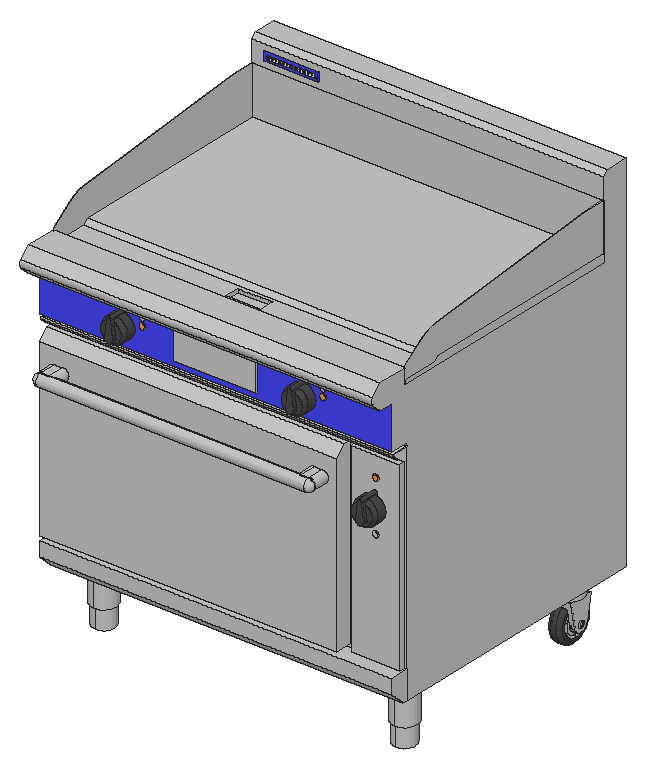
Revit family "QF_MOFFAT_BLUESEAL_CE_GPE56", category Specialty Equipment, Revit 2012
Parameters
  Width = 900 mm
  Weight in Pounds = 336  # constant formula
  Watts = 6600 W
  Volts = 400 V
  URL Cutsheet = "www.moffat.com"
  URL = "www.moffat.com"
  Type Mark [instance] = ""
  Status [instance] = ""
  Specification by User [instance] = ""
  Specification by Manufacturer = ""
  Show Logo [instance] = yes
  Show Clearance [instance] = yes
  Show Casters [instance] = yes
  Serial Number = ""
  Seismic Rating = ""
  SMACNA No = ""
  Revision Code [instance] = ""
  Plumbing Remarks = ""
  Plumbing Connection Type [instance] = ""
  Phase = 3
  Omniclass Number and Title = ""
  Number of Poles [instance] = 1
  NAFEM Spec ID Number = ""
  Model = "GPE56"
  Min Ckt Ampacity = 0 A
  Mechanical Remarks = ""
  Mechanical Connection Type [instance] = ""
  Max Overcurrent Protection = 0 A
  Masterspec = ""
  Manufacturer = "MOFFAT BLUESEAL"
  Legs [instance] = no
  Item Number [instance] = ""
  Installed By [instance] = ""
  Identify Quantity as Lot [instance] = yes
  Height = 1085 mm
  HP = ""
  Gas Size = 3/4"
  Gas RI Height [instance] = 0 mm
  Gas KW [instance] = 23
  Gas Input [instance] = 78500.0 Btu/h
  Gas Connection Height = 0 mm
  Furnished By [instance] = ""
  Foodservice Equipment Identifier [instance] = yes
  FL Amps = 9.4 A
  Electrical Remarks [instance] = "9.4 PER PHASE"
  Electric Connection Type [instance] = ""
  Elec Conn RI Height [instance] = 0 mm
  Elec Conn Connection Height [instance] = 0 mm
  Description = "900MM GAS RANGE WITH CONVECTION OVEN"
  Depth = 805 mm
  Cycle = 50 Hz
  Conn Plug = ""
  Conn Conduit = yes
  Cold Water Temperature Recommended = -459.67 °F
  Cold Water Size = 1/2"
  Cold Water RI Height [instance] = 0 mm
  Cold Water Minimum Pressure = 0.00 psi
  Cold Water Maximum Pressure = 0.00 psi
  Cold Water Flow = 0 GPM
  Cold Water Consumption = ""
  Cold Water Connection Height = 0 mm
  CSI MasterFormat = ""
  CSI Master Format = ""
  Body Finish = QF_Finishes_Stainless Steel
  Apparent Power = 0 VA
Reference planes
  plane 1 "BACK": y = 0
  plane 2: z = 0
  plane 3 "LEFT": x = 0
  plane 4 "RIGHT": x = 900
  plane 5 "FRONT": y = -812
  plane 6 "TOP": z = 970
  plane 7 "Center Y": x = 450
  plane 8 "Center X": y = -406
  plane 9: x = 280
  plane 10: x = 834.5
  plane 11: y = -32
  plane 12: z = 1085
  plane 13: z = 150
  plane 14: x = 65.5
  plane 15: y = -100
  plane 16: y = -625
  plane 17: z = 655
Forms (mm)
  Extrusion 1, solid, material "QF_Finishes_Stainless Steel" <- "Body Finish"
    sketch origin (0, 0, 0) x (0, 1, 0) y (0, 0, 1)
      loop
        line (0, 150) -> (0, 1085) -> (-58.9, 1085) -> (-70, 1073.9) -> (-70, 876.94) -> (-704.45, 876.94) -> (-704.45, 915) -> (-784.74, 915) -> (-808.31, 891.429)
        arc (-808.31, 891.429) -> (-812.002, 882.517) -> (-808.31, 873.604) r 12.604
        line (-808.31, 873.604) -> (-785.265, 850.559) -> (-748.2, 850.559) -> (-748.2, 740.5) -> (-699.05, 740.5) -> (-699.05, 150) -> (0, 150)
      loop
        line (-700.429, 732.9) -> (-743.335, 732.9)
        arc (-743.335, 732.9) -> (-745.599, 731.388) -> (-745.068, 728.718) r 2.45
        line (-745.068, 728.718) -> (-730.865, 714.515) -> (-730.158, 715.222) -> (-744.36, 729.425)
        arc (-744.36, 729.425) -> (-744.675, 731.005) -> (-743.335, 731.9) r 1.45
        line (-743.335, 731.9) -> (-700.429, 731.9) -> (-700.429, 732.9)
      loop
        line (-713.1, 150) -> (-699.5, 150) -> (-699.5, 221.7) -> (-748.5, 221.7) -> (-748.5, 185.4) -> (-713.1, 150)
    from 0 to 900
  Extrusion 2, solid, material "QF_Finishes_Stainless Steel"
    sketch origin (0, 0, 0) x (0, 1, 0) y (0, 0, 1)
      loop
        line (-724.715, 700.925) -> (-748.715, 676.925) -> (-748.715, 233.675) -> (-708.715, 233.675) -> (-708.715, 700.925) -> (-724.715, 700.925)
    from 0 to 760
  Extrusion 3, solid, material "QF_Finishes_Stainless Steel"
    sketch origin (723.5, 0, 0) x (0, 1, 0) y (0, 0, 1)
      loop
        line (-708.715, 700) -> (-721, 700) -> (-721, 227.5) -> (-708.715, 227.5) -> (-708.715, 700)
    from 51.5 to 176.5
  Revolve 4, solid, material "QF_Finishes_Stainless Steel" <- "Body Finish"
    sketch origin (834.5, -696.126, 0) x (0, 1, 0) y (0, 0, -1)
      loop
        line (39.376, -150) -> (71.126, -150) -> (71.126, 0) -> (43.626, 0) -> (43.626, -50) -> (39.376, -50) -> (39.376, -150)
      axis (71.126, -150) -> (71.126, 0)
    angle from 0 to 360
  Revolve 5, solid, material "QF_Finishes_Stainless Steel" <- "Body Finish"
    sketch origin (65.5, -696.126, 0) x (0, 1, 0) y (0, 0, 1)
      loop
        line (39.376, 150) -> (39.376, 50) -> (43.626, 50) -> (43.626, 0) -> (71.126, 0) -> (71.126, 150) -> (39.376, 150)
      axis (71.126, 150) -> (71.126, 0)
    angle from 0 to 360
  Extrusion 6, solid, material "QF_Finishes_Stainless Steel"
    sketch origin (0, 0, 740) x (0, 1, 0) y (1, 0, 0)
      loop
        circle (-32, 770) r 10
    from 85 to -3
  Extrusion 7, solid, material "QF_Finishes_Stainless Steel"
    sketch origin (0, -703.73, 150) x (1, 0, 0) y (0, -1, 0)
      loop
        circle (831, -219.73) r 10
    from 0 to 4
  Revolve 8, solid, material "QF_Finishes_Black"
    sketch origin (837.495, 73.874, -213.6) x (0, 1, 0) y (0, 0, 1)
      loop
        line (-827.874, 829.5) -> (-838.874, 823.651) -> (-838.874, 797) -> (-794.874, 797) -> (-794.874, 802) -> (-804.874, 802) -> (-804.874, 829.5) -> (-827.874, 829.5)
      axis (-838.874, 797) -> (-794.874, 797)
    angle from 0 to 360
  Extrusion 9, solid, material "QF_Finishes_Black"
    sketch origin (689.688, 35, -213.6) x (1, 0, 0) y (0, 0, 1)
      loop
        line (158.226, 786.195) -> (152.806, 829.113)
        arc (152.806, 829.113) -> (147.807, 834) -> (142.808, 829.113) r 5
        line (142.808, 829.113) -> (137.319, 785.028)
        arc (137.319, 785.028) -> (148.391, 774.529) -> (158.226, 786.195) r 10.487
    from 759 to 808
  Extrusion 10, solid, material "QF_Door-Drawer Clearances", visible <- "Show Clearance", detail levels coarse
    sketch origin (0, 0, 0) x (0, -1, 0) y (0, 0, 1)
      loop
        line (748.715, 703.522) -> (748.715, 233.675) -> (1218.562, 233.675)
        arc (1218.562, 233.675) -> (1080.947, 565.907) -> (748.715, 703.522) r 469.847
    from 0 to -760
  Extrusion 11, solid, material "QF_Finishes_Stainless Steel"
    sketch origin (0, -749, 227.5) x (0, 0, 1) y (-1, 0, 0)
      loop
        line (380.625, -38.246) -> (380.625, -58.528)
        arc (380.625, -58.528) -> (395.625, -73.528) -> (410.625, -58.528) r 15
        line (410.625, -58.528) -> (410.625, -38.246)
        arc (410.625, -38.246) -> (395.625, -23.246) -> (380.625, -38.246) r 15
      loop
        arc (380.625, -723.039) -> (395.625, -738.039) -> (410.625, -723.039) r 15
        line (410.625, -723.039) -> (410.625, -702.757)
        arc (410.625, -702.757) -> (395.625, -687.757) -> (380.625, -702.757) r 15
        line (380.625, -702.757) -> (380.625, -723.039)
    from 0 to 44
  Revolve 12, solid, material "QF_Finishes_Stainless Steel"
    sketch origin (0, -793, 0) x (1, 0, 0) y (0, 0, 1)
      loop
        arc (738.039, 623.125) -> (733.646, 633.732) -> (723.039, 638.125) r 15
        line (723.039, 638.125) -> (38.246, 638.125)
        arc (38.246, 638.125) -> (27.64, 633.732) -> (23.246, 623.125) r 15
        line (23.246, 623.125) -> (738.039, 623.125)
      axis (738.039, 623.125) -> (23.246, 623.125)
    angle from 0 to 360
  Revolve 13, solid, material "QF_Finishes_Black"
    sketch origin (217.5, 14.8, 598.3) x (0, 1, 0) y (0, 0, -1)
      loop
        line (-796, -229.5) -> (-773, -229.5) -> (-773, -202) -> (-763, -202) -> (-763, -197) -> (-807, -197) -> (-807, -223.651) -> (-796, -229.5)
      axis (-807, -197) -> (-763, -197)
    angle from 0 to 360
  Extrusion 14, solid, material "QF_Finishes_Black"
    sketch origin (355.77, 7.8, 598.458) x (-1, 0, 0) y (0, 0, -1)
      loop
        line (127.85, -186.037) -> (133.271, -228.955)
        arc (133.271, -228.955) -> (138.27, -233.842) -> (143.268, -228.955) r 5
        line (143.268, -228.955) -> (148.757, -184.87)
        arc (148.757, -184.87) -> (137.685, -174.371) -> (127.85, -186.037) r 10.487
    from 759 to 808
  Extrusion 15, solid, material "QF_Finishes_Stainless Steel"
    sketch origin (-295, -748.2, 866) x (0, 0, -1) y (1, 0, 0)
      loop
        line (24, 640) -> (110.5, 640) -> (110.5, 850) -> (24, 850) -> (24, 640)
    from 0 to 2.5
  Extrusion 16, solid, material "QF_Finishes_Stainless Steel"
    sketch origin (-295, -750.7, 866) x (0, 0, -1) y (1, 0, 0)
      loop
        line (31, 850) -> (24, 850) -> (24, 640) -> (31, 640) -> (31, 850)
    from 0 to 5
  Revolve 17, solid, material "QF_Finishes_Black"
    sketch origin (680.116, 14.8, 598.3) x (0, 1, 0) y (0, 0, 1)
      loop
        line (-796, 229.5) -> (-807, 223.651) -> (-807, 197) -> (-763, 197) -> (-763, 202) -> (-773, 202) -> (-773, 229.5) -> (-796, 229.5)
      axis (-807, 197) -> (-763, 197)
    angle from 0 to 360
  Extrusion 18, solid, material "QF_Finishes_Black"
    sketch origin (541.846, 7.8, 598.458) x (1, 0, 0) y (0, 0, 1)
      loop
        line (148.689, 186.037) -> (143.268, 228.955)
        arc (143.268, 228.955) -> (138.27, 233.842) -> (133.271, 228.955) r 5
        line (133.271, 228.955) -> (127.782, 184.87)
        arc (127.782, 184.87) -> (138.854, 174.371) -> (148.689, 186.037) r 10.487
    from 759 to 808
  Extrusion 19, solid, material "QF_Finishes_Orange"
    sketch origin (0, -748.2, 866) x (0, 0, -1) y (1, 0, 0)
      loop
        circle (60.7, 725.121) r 7.15
      loop
        circle (60.7, 262.505) r 7.15
    from 0 to 1
  Extrusion 20, solid, material "QF_Finishes_Stainless Steel"
    sketch origin (0, -748.2, 866) x (0, 0, -1) y (1, 0, 0)
      loop
        circle (40.7, 725.121) r 7.15
      loop
        circle (40.7, 262.505) r 7.15
    from 0 to 1
  Revolve 21, solid, material "QF_Finishes_Stainless Steel", visible <- "Legs"
    sketch origin (834.5, -210, 0) x (0, 1, 0) y (0, 0, -1)
      loop
        line (78.25, -150) -> (110, -150) -> (110, 0) -> (82.5, 0) -> (82.5, -50) -> (78.25, -50) -> (78.25, -150)
      axis (110, -150) -> (110, 0)
    angle from 0 to 360
  Revolve 22, solid, material "QF_Finishes_Stainless Steel", visible <- "Legs"
    sketch origin (65, -210, 0) x (0, 1, 0) y (0, 0, -1)
      loop
        line (78.25, -150) -> (110, -150) -> (110, 0) -> (82.5, 0) -> (82.5, -50) -> (78.25, -50) -> (78.25, -150)
      axis (110, -150) -> (110, 0)
    angle from 0 to 360
  Revolve 23, solid, material "QF_Finishes_Stainless Steel", visible <- "Legs"
    sketch origin (65.5, -166, 0) x (0, 1, 0) y (0, 0, 1)
      loop
        line (34.25, 150) -> (34.25, 50) -> (38.5, 50) -> (38.5, 0) -> (66, 0) -> (66, 150) -> (34.25, 150)
      axis (66, 150) -> (66, 0)
    angle from 0 to 360
  Revolve 24, solid, material "QF_Finishes_Stainless Steel", visible <- "Legs"
    sketch origin (835, -166, 0) x (0, 1, 0) y (0, 0, -1)
      loop
        line (34.25, -150) -> (66, -150) -> (66, 0) -> (38.5, 0) -> (38.5, -50) -> (34.25, -50) -> (34.25, -150)
      axis (66, -150) -> (66, 0)
    angle from 0 to 360
  Revolve 25, solid, material "QF_Finishes_Stainless Steel", visible <- "Show Casters"
    sketch origin (16.276, -100.755, -13.653) x (1, 0, 0) y (0, 0, 1)
      loop
        line (14.841, 63.604) -> (83.584, 63.604) -> (83.584, 67.109) -> (82.314, 68.379) -> (80.79, 68.379) -> (80.79, 71.826) -> (68.644, 71.826) -> (68.644, 81.79) -> (65.088, 83.843) -> (63.738, 92.179) -> (65.881, 92.179) -> (65.881, 98.529) -> (65.088, 98.529) -> (65.088, 104.879)
        arc (65.088, 104.879) -> (62.298, 111.614) -> (55.563, 114.404) r 9.525
        line (55.563, 114.404) -> (42.863, 114.404)
        arc (42.863, 114.404) -> (36.127, 111.614) -> (33.338, 104.879) r 9.525
        line (33.338, 104.879) -> (33.338, 98.529) -> (32.544, 98.529) -> (32.544, 92.179) -> (34.687, 92.179) -> (33.352, 83.932) -> (29.782, 81.871) -> (29.782, 71.826) -> (17.635, 71.826) -> (17.635, 68.379) -> (16.111, 68.379) -> (14.841, 67.109) -> (14.841, 63.604)
      axis (14.841, 63.604) -> (83.584, 63.604)
    angle from 0 to 360
  Extrusion 26, solid, material "QF_Finishes_Stainless Steel", visible <- "Show Casters"
    sketch origin (72.001, 132.353, -8.783) x (0, 1, 0) y (0, 0, 1)
      loop
        line (-200.603, 118.783) -> (-264.103, 118.783) -> (-251.746, 53.895)
        arc (-251.746, 53.895) -> (-232.353, 38.783) -> (-212.959, 53.895) r 20
        line (-212.959, 53.895) -> (-200.603, 118.783)
    from -35.667 to 22.923
  Revolve 27, solid, material "QF_Finishes_Stainless Steel", visible <- "Show Casters"
    sketch origin (65.5, -204, 0) x (0, 1, 0) y (0, 0, 1)
      loop
        line (68.25, 150) -> (68.25, 110) -> (104, 110) -> (104, 150) -> (68.25, 150)
      axis (104, 150) -> (104, 110)
    angle from 0 to 360
  Revolve 28, solid, material "QF_Finishes_Stainless Steel", visible <- "Legs"
    sketch origin (65.5, -166, 0) x (0, 1, 0) y (0, 0, 1)
      loop
        line (34.25, 150) -> (34.25, 50) -> (38.5, 50) -> (38.5, 0) -> (66, 0) -> (66, 150) -> (34.25, 150)
      axis (66, 150) -> (66, 0)
    angle from 0 to 360
  Extrusion 29, solid, material "QF_Finishes_Stainless Steel", visible <- "Show Casters"
    sketch origin (841.501, 132.353, -8.783) x (0, 1, 0) y (0, 0, 1)
      loop
        line (-200.603, 118.783) -> (-264.103, 118.783) -> (-251.746, 53.895)
        arc (-251.746, 53.895) -> (-232.353, 38.783) -> (-212.959, 53.895) r 20
        line (-212.959, 53.895) -> (-200.603, 118.783)
    from -35.667 to 22.923
  Revolve 30, solid, material "QF_Finishes_Stainless Steel", visible <- "Show Casters"
    sketch origin (835, -204, 0) x (0, 1, 0) y (0, 0, 1)
      loop
        line (68.25, 150) -> (68.25, 110) -> (104, 110) -> (104, 150) -> (68.25, 150)
      axis (104, 150) -> (104, 110)
    angle from 0 to 360
  Revolve 31, solid, material "QF_Finishes_Stainless Steel", visible <- "Show Casters"
    sketch origin (786.276, -100.755, -13.653) x (1, 0, 0) y (0, 0, 1)
      loop
        line (14.841, 63.604) -> (83.584, 63.604) -> (83.584, 67.109) -> (82.314, 68.379) -> (80.79, 68.379) -> (80.79, 71.826) -> (68.644, 71.826) -> (68.644, 81.79) -> (65.088, 83.843) -> (63.738, 92.179) -> (65.881, 92.179) -> (65.881, 98.529) -> (65.088, 98.529) -> (65.088, 104.879)
        arc (65.088, 104.879) -> (62.298, 111.614) -> (55.563, 114.404) r 9.525
        line (55.563, 114.404) -> (42.863, 114.404)
        arc (42.863, 114.404) -> (36.127, 111.614) -> (33.338, 104.879) r 9.525
        line (33.338, 104.879) -> (33.338, 98.529) -> (32.544, 98.529) -> (32.544, 92.179) -> (34.687, 92.179) -> (33.352, 83.932) -> (29.782, 81.871) -> (29.782, 71.826) -> (17.635, 71.826) -> (17.635, 68.379) -> (16.111, 68.379) -> (14.841, 67.109) -> (14.841, 63.604)
      axis (14.841, 63.604) -> (83.584, 63.604)
    angle from 0 to 360
  Extrusion 32, solid, material "QF_Finishes_Stainless Steel"
    sketch origin (723.5, -721, 700) x (0, 0, -1) y (1, 0, 0)
      loop
        circle (181.6, 114) r 7.15
    from 0 to 1
  Extrusion 33, solid, material "QF_Finishes_Orange"
    sketch origin (723.5, -721, 700) x (0, 0, -1) y (1, 0, 0)
      loop
        circle (51.6, 114) r 7.15
    from 0 to 1
  Extrusion 34, solid, material "QF_Finishes_Stainless Steel"
    sketch origin (0, -703.73, 150) x (1, 0, 0) y (0, -1, 0)
      loop
        circle (875, -246.73) r 10
    from 0 to 4
  Extrusion 35, void
    sketch origin (0, 0, 225.5) x (1, 0, 0) y (0, 1, 0)
      loop
        line (824, -87) -> (824, 0) -> (694, 0) -> (694, -39) -> (744, -87) -> (824, -87)
    from 0 to 517.5
Cuts and joins
  Extrusion 35 cuts Extrusion 1
Lines and regions (mm)
  symbolic lines, style "QF_Door-Drawer Clearances", visible <- "Show Clearance"
    curve 1: line (0, -1218.562, 0) -> (0, -812, 0)
    curve 2: line (0, -1218.562, 0) -> (760, -1218.562, 0)
    curve 3: line (760, -1218.562, 0) -> (760, -812, 0)
  symbolic lines, style "SpecialityEquipmentHiddenLines", visible <- "Show Casters"
    curve 4: line (78.456, -46.735, 0) -> (105.952, -62.61, 0)
    curve 5: line (27.656, -134.723, 0) -> (78.456, -46.735, 0)
    curve 6: line (55.152, -150.598, 0) -> (27.656, -134.723, 0)
    curve 7: line (105.952, -62.61, 0) -> (55.152, -150.598, 0)
    curve 8: line (824.652, -150.598, 0) -> (797.156, -134.723, 0)
    curve 9: line (875.452, -62.61, 0) -> (824.652, -150.598, 0)
    curve 10: line (847.956, -46.735, 0) -> (797.156, -134.723, 0)
    curve 11: line (875.452, -62.61, 0) -> (847.956, -46.735, 0)
  symbolic lines
    curve 12: line (44, -18.385, 0) -> (271.959, -18.385, 0)
    curve 13: arc (271.959, -18.385, 0) -> (276.959, -19.725, 0) -> (280.619, -23.385, 0) r 10
    curve 14: line (280.619, -23.385, 0) -> (284.66, -30.385, 0)
    curve 15: arc (284.66, -30.385, 0) -> (284.66, -40.385, 0) -> (276, -45.385, 0) r 10
    curve 16: line (276, -45.385, 0) -> (48.041, -45.385, 0)
    curve 17: arc (48.041, -45.385, 0) -> (43.041, -44.045, 0) -> (39.381, -40.385, 0) r 10
    curve 18: line (39.381, -40.385, 0) -> (35.34, -33.385, 0)
    curve 19: arc (35.34, -33.385, 0) -> (35.34, -23.385, 0) -> (44, -18.385, 0) r 10
    curve 20: line (334, -18.385, 0) -> (561.959, -18.385, 0)
    curve 21: arc (561.959, -18.385, 0) -> (566.959, -19.725, 0) -> (570.619, -23.385, 0) r 10
    curve 22: line (570.619, -23.385, 0) -> (574.66, -30.385, 0)
    curve 23: arc (574.66, -30.385, 0) -> (574.66, -40.385, 0) -> (566, -45.385, 0) r 10
    curve 24: line (566, -45.385, 0) -> (338.041, -45.385, 0)
    curve 25: arc (338.041, -45.385, 0) -> (333.041, -44.045, 0) -> (329.381, -40.385, 0) r 10
    curve 26: line (329.381, -40.385, 0) -> (325.34, -33.385, 0)
    curve 27: arc (325.34, -33.385, 0) -> (325.34, -23.385, 0) -> (334, -18.385, 0) r 10
    curve 28: line (851.959, -18.385, 0) -> (624, -18.385, 0)
    curve 29: arc (624, -18.385, 0) -> (615.34, -23.385, 0) -> (615.34, -33.385, 0) r 10
    curve 30: line (615.34, -33.385, 0) -> (619.381, -40.385, 0)
    curve 31: arc (619.381, -40.385, 0) -> (623.041, -44.045, 0) -> (628.041, -45.385, 0) r 10
    curve 32: line (628.041, -45.385, 0) -> (856, -45.385, 0)
    curve 33: arc (856, -45.385, 0) -> (864.66, -40.385, 0) -> (864.66, -30.385, 0) r 10
    curve 34: line (864.66, -30.385, 0) -> (860.619, -23.385, 0)
    curve 35: arc (860.619, -23.385, 0) -> (856.959, -19.725, 0) -> (851.959, -18.385, 0) r 10
    curve 36: line (900, 0, 0) -> (0, 0, 0)
    curve 37: line (0, 0, 0) -> (0, -812, 0)
    curve 38: line (900, -812, 0) -> (900, 0, 0)
    curve 39: line (0, -784.7, 0) -> (900, -784.7, 0)
    curve 40: line (0, -812, 0) -> (900, -812, 0)
    curve 41: line (0, -58.9, 0) -> (900, -58.9, 0)
    curve 42: line (0, -70, 0) -> (900, -70, 0)
Dimensions and locks
  equal spacing: plane 3 "LEFT", plane 7 "Center Y", plane 4 "RIGHT"
  "Width": plane 3 "LEFT" to plane 4 "RIGHT"
  equal spacing: plane 5 "FRONT", plane 8 "Center X", plane 1 "BACK"
  plane 5 "FRONT" to plane 1 "BACK" = 812 mm  (x2)
  equal spacing: plane 4 "RIGHT", plane 7 "Center Y", plane 3 "LEFT"
  plane 4 "RIGHT" to plane 3 "LEFT" = 900 mm
  plane 9 to plane 3 "LEFT" = 280 mm
  plane 6 "TOP" to plane 2 = 970 mm
  plane 12 to plane 2 = 1085 mm
  plane 13 to plane 2 = 150 mm
  Revolve 25 sketch curve to Revolve 25 sketch curve = 50.8 mm
  Revolve 31 sketch curve to Revolve 31 sketch curve = 50.8 mm
  plane 17 to plane 2 = 655 mm
  Extrusion 6 sketch curve to plane 4 "RIGHT" = 130 mm
  Extrusion 7 sketch curve to plane 4 "RIGHT" = 69 mm
  Extrusion 34 sketch curve to plane 4 "RIGHT" = 25 mm
  Extrusion 34 sketch curve to plane 1 "BACK" = 457 mm
  Extrusion 7 sketch curve to plane 1 "BACK" = 484 mm
  aligned and locked: level to plane 2
Automatic sketch dimensions
  curve 1 to plane 3 "LEFT" = 0 mm
  plane 5 "FRONT" to curve 3 = 0 mm
  curve 39 to plane 4 "RIGHT" = 0 mm
  plane 1 "BACK" to curve 36 = 0 mm
  plane 3 "LEFT" to curve 6 = 27.656 mm
  curve 19 to plane 11 = 1.385 mm
  curve 19 to plane 14 = 30.16 mm
  curve 19 to curve 17 = 4.041 mm  (x2)
  plane 11 to curve 19 = 3.615 mm
  curve 19 to curve 19 = 8.66 mm
  curve 17 to plane 11 = 3.385 mm
  curve 7 to plane 14 = 10.348 mm
  plane 14 to curve 5 = 12.956 mm
  plane 11 to curve 13 = 3.615 mm
  curve 13 to plane 9 = 8.041 mm
  curve 16 to plane 9 = 4 mm
  plane 9 to curve 14 = 0.619 mm
  plane 11 to curve 14 = 1.615 mm
  plane 9 to curve 14 = 4.66 mm
  curve 27 to plane 11 = 1.385 mm
  curve 14 to curve 27 = 40.679 mm
  curve 26 to curve 25 = 4.041 mm
  plane 11 to curve 27 = 3.615 mm
  curve 27 to curve 27 = 8.66 mm
  curve 25 to curve 25 = 8.66 mm
  plane 7 "Center Y" to curve 21 = 111.959 mm
  curve 21 to curve 24 = 4.041 mm
  plane 11 to curve 21 = 8.615 mm
  curve 21 to curve 21 = 8.66 mm
  plane 11 to curve 23 = 1.615 mm
  curve 22 to curve 23 = 4.041 mm
  curve 29 to plane 11 = 1.385 mm
  curve 22 to curve 29 = 40.679 mm
  curve 30 to plane 11 = 8.385 mm
  curve 29 to curve 30 = 4.041 mm
  curve 29 to curve 29 = 8.66 mm
  curve 31 to curve 32 = 8.66 mm
  curve 3 to plane 10 = 74.5 mm
  curve 10 to plane 10 = 37.344 mm
  curve 9 to plane 10 = 9.848 mm
  plane 10 to curve 10 = 13.456 mm
  plane 10 to curve 28 = 17.459 mm
  curve 10 to curve 32 = 8.044 mm
  plane 11 to curve 34 = 8.615 mm
  curve 35 to curve 34 = 8.66 mm
  plane 11 to curve 33 = 1.615 mm
  curve 34 to curve 33 = 4.041 mm
  curve 1 to curve 1 = 406.562 mm
  curve 39 to plane 5 "FRONT" = 27.3 mm
  plane 15 to curve 7 = 50.598 mm
  plane 15 to curve 8 = 50.598 mm
  curve 8 to curve 8 = 15.875 mm
  curve 6 to curve 6 = 15.875 mm
  curve 42 to plane 15 = 30 mm
  curve 42 to curve 41 = 11.1 mm
  curve 16 to plane 11 = 13.385 mm
  curve 24 to plane 11 = 13.385 mm
  curve 10 to curve 32 = 1.35 mm
  curve 25 to curve 26 = 7 mm
  plane 11 to curve 35 = 3.615 mm
  Extrusion 1 sketch curve to Extrusion 1 sketch curve = 0 mm  (x2)
  plane 13 to Extrusion 1 sketch curve = 0 mm  (x2)
  Extrusion 1 sketch curve to plane 12 = 0 mm
  Extrusion 1 sketch curve to plane 1 "BACK" = 0 mm
  Extrusion 1 sketch curve to plane 11 = 26.9 mm
  Extrusion 1 sketch curve to Extrusion 1 sketch curve = 11.1 mm
  plane 16 to Extrusion 1 sketch curve = 74.05 mm
  Extrusion 1 sketch curve to Extrusion 1 sketch curve = 0.45 mm
  Extrusion 1 sketch curve to Extrusion 1 sketch curve = 1.379 mm
  plane 16 to Extrusion 1 sketch curve = 79.45 mm
  Extrusion 1 sketch curve to Extrusion 1 sketch curve = 13.6 mm
  Extrusion 1 sketch curve to Extrusion 1 sketch curve = 29.729 mm
  plane 17 to Extrusion 1 sketch curve = 59.515 mm
  Extrusion 1 sketch curve to Extrusion 1 sketch curve = 0.707 mm  (x3)
  Extrusion 1 sketch curve to Extrusion 1 sketch curve = 13.177 mm
  Extrusion 1 sketch curve to Extrusion 1 sketch curve = 1.025 mm  (x2)
  Extrusion 1 sketch curve to Extrusion 1 sketch curve = 4.865 mm
  Extrusion 1 sketch curve to Extrusion 1 sketch curve = 35.4 mm
  Extrusion 1 sketch curve to plane 5 "FRONT" = 27.26 mm
  Extrusion 1 sketch curve to plane 5 "FRONT" = 26.735 mm
  Extrusion 1 sketch curve to plane 5 "FRONT" = 12.602 mm
  Extrusion 1 sketch curve to plane 5 "FRONT" = 3.69 mm  (x2)
  Extrusion 1 sketch curve to plane 13 = 35.4 mm
  Extrusion 1 sketch curve to Extrusion 1 sketch curve = 36.3 mm
  Extrusion 1 sketch curve to Extrusion 1 sketch curve = 7.6 mm
  Extrusion 1 sketch curve to Extrusion 1 sketch curve = 110.059 mm
  Extrusion 1 sketch curve to Extrusion 1 sketch curve = 23.045 mm
  Extrusion 1 sketch curve to plane 6 "TOP" = 93.06 mm
  Extrusion 1 sketch curve to Extrusion 1 sketch curve = 8.913 mm
  Extrusion 1 sketch curve to Extrusion 1 sketch curve = 38.06 mm
  Extrusion 1 sketch curve to plane 12 = 11.1 mm
  Extrusion 2 sketch curve to plane 5 "FRONT" = 63.285 mm  (x2)
  plane 17 to Extrusion 2 sketch curve = 21.925 mm
  Extrusion 2 sketch curve to Extrusion 2 sketch curve = 24 mm
  Extrusion 2 sketch curve to Extrusion 2 sketch curve = 40 mm
  Extrusion 2 sketch curve to plane 13 = 83.675 mm
  plane 17 to Extrusion 2 sketch curve = 45.925 mm
  plane 17 to Extrusion 3 sketch curve = 45 mm
  Extrusion 3 sketch curve to plane 5 "FRONT" = 91 mm
  Extrusion 3 sketch curve to Extrusion 3 sketch curve = 12.285 mm  (x2)
  Extrusion 3 sketch curve to plane 13 = 77.5 mm
  plane 13 to Revolve 4 sketch curve = 0 mm
  Revolve 4 sketch curve to level = 0 mm
  Revolve 4 sketch curve to plane 16 = 0 mm  (x2)
  Revolve 4 sketch curve to Revolve 4 sketch curve = 27.5 mm
  plane 16 to Revolve 4 sketch curve = 31.75 mm
  level to Revolve 4 sketch curve = 50 mm
  Revolve 4 sketch curve to Revolve 4 sketch curve = 0 mm
  Revolve 4 sketch curve to Revolve 4 sketch curve = 55 mm
  plane 13 to Revolve 5 sketch curve = 0 mm
  Revolve 5 sketch curve to level = 0 mm
  Revolve 5 sketch curve to plane 16 = 0 mm  (x2)
  Revolve 5 sketch curve to Revolve 5 sketch curve = 27.5 mm
  plane 16 to Revolve 5 sketch curve = 31.75 mm
  Revolve 5 sketch curve to level = 55 mm
  Revolve 5 sketch curve to Revolve 5 sketch curve = 50 mm
  Revolve 5 sketch curve to Revolve 5 sketch curve = 0 mm
  Revolve 8 sketch curve to plane 5 "FRONT" = 47 mm
  Revolve 8 sketch curve to Revolve 8 sketch curve = 0 mm  (x2)
  Revolve 8 sketch curve to Revolve 8 sketch curve = 11 mm
  Revolve 8 sketch curve to Revolve 8 sketch curve = 12.7 mm
  Revolve 8 sketch curve to Revolve 8 sketch curve = 23 mm
  Revolve 8 sketch curve to Revolve 8 sketch curve = 10 mm
  Revolve 8 sketch curve to plane 17 = 71.6 mm
  Revolve 8 sketch curve to Revolve 8 sketch curve = 5 mm
  Revolve 8 sketch curve to Revolve 8 sketch curve = 26.651 mm
  Revolve 8 sketch curve to Revolve 8 sketch curve = 5.849 mm
  Extrusion 9 sketch curve to plane 10 = 7.492 mm
  Extrusion 9 sketch curve to plane 10 = 2.003 mm
  plane 10 to Extrusion 9 sketch curve = 2.995 mm  (x2)
  Extrusion 9 sketch curve to Extrusion 9 sketch curve = 4.999 mm
  Extrusion 9 sketch curve to Extrusion 9 sketch curve = 10.419 mm
  Extrusion 9 sketch curve to plane 17 = 83.6 mm
  Extrusion 9 sketch curve to Extrusion 9 sketch curve = 0.028 mm
  Extrusion 9 sketch curve to plane 17 = 39.6 mm
  Extrusion 9 sketch curve to Extrusion 9 sketch curve = 0.113 mm
  Extrusion 10 sketch curve to plane 5 "FRONT" = 63.285 mm
  Extrusion 10 sketch curve to plane 13 = 83.675 mm
  plane 5 "FRONT" to Extrusion 10 sketch curve = 406.562 mm
  Extrusion 11 sketch curve to plane 14 = 6.972 mm
  Extrusion 11 sketch curve to plane 17 = 46.875 mm  (x2)
  Extrusion 11 sketch curve to Extrusion 11 sketch curve = 15 mm  (x2)
  Extrusion 11 sketch curve to plane 10 = 131.743 mm
  Extrusion 11 sketch curve to Extrusion 11 sketch curve = 20.282 mm  (x2)
  Revolve 12 sketch curve to plane 3 "LEFT" = 6.961 mm
  plane 3 "LEFT" to Revolve 12 sketch curve = 23.246 mm
  Revolve 12 sketch curve to plane 17 = 16.875 mm
  Revolve 12 sketch curve to Revolve 12 sketch curve = 15 mm
  Revolve 12 sketch curve to plane 17 = 31.875 mm
  plane 7 "Center Y" to Revolve 12 sketch curve = 138.039 mm
  Revolve 12 sketch curve to plane 10 = 111.461 mm
  Revolve 13 sketch curve to plane 5 "FRONT" = 19.8 mm
  Revolve 13 sketch curve to Revolve 13 sketch curve = 0 mm  (x2)
  Revolve 13 sketch curve to Revolve 13 sketch curve = 11 mm
  Revolve 13 sketch curve to Revolve 13 sketch curve = 12.7 mm
  Revolve 13 sketch curve to Revolve 13 sketch curve = 23 mm
  Revolve 13 sketch curve to Revolve 13 sketch curve = 10 mm
  Revolve 13 sketch curve to plane 6 "TOP" = 142.2 mm
  Revolve 13 sketch curve to Revolve 13 sketch curve = 5.849 mm
  Revolve 13 sketch curve to Revolve 13 sketch curve = 27.5 mm
  Revolve 13 sketch curve to Revolve 13 sketch curve = 5 mm
  Extrusion 14 sketch curve to plane 9 = 52.081 mm
  Extrusion 14 sketch curve to Extrusion 14 sketch curve = 5.421 mm
  Extrusion 14 sketch curve to Extrusion 14 sketch curve = 10.419 mm
  Extrusion 14 sketch curve to Extrusion 14 sketch curve = 4.999 mm  (x2)
  Extrusion 14 sketch curve to Extrusion 14 sketch curve = 10.487 mm
  Extrusion 14 sketch curve to plane 6 "TOP" = 142.587 mm
  Extrusion 14 sketch curve to Extrusion 14 sketch curve = 0.113 mm
  Extrusion 14 sketch curve to Extrusion 14 sketch curve = 42.919 mm
  Extrusion 14 sketch curve to Extrusion 14 sketch curve = 1.167 mm
  Extrusion 15 sketch curve to plane 6 "TOP" = 128 mm
  Extrusion 15 sketch curve to Extrusion 15 sketch curve = 86.5 mm
  plane 9 to Extrusion 15 sketch curve = 65 mm
  plane 7 "Center Y" to Extrusion 15 sketch curve = 105 mm
  Extrusion 16 sketch curve to Extrusion 15 = 0 mm  (x2)
  Extrusion 15 to Extrusion 16 sketch curve = 0 mm
  Extrusion 16 sketch curve to Extrusion 15 = 7 mm
  Revolve 17 sketch curve to plane 5 "FRONT" = 19.8 mm
  Revolve 17 sketch curve to Revolve 17 sketch curve = 0 mm  (x2)
  Revolve 17 sketch curve to Revolve 17 sketch curve = 11 mm
  Revolve 17 sketch curve to Revolve 17 sketch curve = 12.7 mm
  Revolve 17 sketch curve to Revolve 17 sketch curve = 23 mm
  Revolve 17 sketch curve to Revolve 17 sketch curve = 10 mm
  plane 17 to Revolve 17 sketch curve = 140.3 mm
  Revolve 17 sketch curve to Revolve 17 sketch curve = 5 mm
  Revolve 17 sketch curve to Revolve 17 sketch curve = 26.651 mm
  Revolve 17 sketch curve to Revolve 17 sketch curve = 5.849 mm
  Extrusion 18 sketch curve to plane 10 = 164.871 mm
  Extrusion 18 sketch curve to Extrusion 18 sketch curve = 5.489 mm
  Extrusion 18 sketch curve to Extrusion 18 sketch curve = 4.999 mm  (x2)
  Extrusion 18 sketch curve to Extrusion 18 sketch curve = 10.487 mm
  Extrusion 18 sketch curve to plane 6 "TOP" = 142.587 mm
  plane 17 to Extrusion 18 sketch curve = 129.495 mm
  Extrusion 18 sketch curve to Extrusion 18 sketch curve = 10.419 mm
  Extrusion 18 sketch curve to Extrusion 18 sketch curve = 1.167 mm
  Extrusion 18 sketch curve to Extrusion 18 sketch curve = 0.113 mm
  Extrusion 19 sketch curve to plane 9 = 17.495 mm
  plane 17 to Extrusion 19 sketch curve = 150.3 mm  (x2)
  Extrusion 19 sketch curve to plane 10 = 109.379 mm
  Extrusion 20 sketch curve to plane 9 = 17.495 mm
  Extrusion 20 sketch curve to plane 6 "TOP" = 144.7 mm  (x2)
  Extrusion 20 sketch curve to plane 10 = 109.379 mm
  plane 13 to Revolve 21 sketch curve = 0 mm
  Revolve 21 sketch curve to level = 0 mm
  Revolve 21 sketch curve to plane 15 = 0 mm  (x2)
  Revolve 21 sketch curve to Revolve 21 sketch curve = 27.5 mm
  Revolve 21 sketch curve to Revolve 21 sketch curve = 31.75 mm
  level to Revolve 21 sketch curve = 50 mm
  Revolve 21 sketch curve to Revolve 21 sketch curve = 0 mm
  Revolve 21 sketch curve to Revolve 21 sketch curve = 55 mm
  plane 13 to Revolve 22 sketch curve = 0 mm
  Revolve 22 sketch curve to level = 0 mm
  Revolve 22 sketch curve to plane 15 = 0 mm  (x2)
  Revolve 22 sketch curve to Revolve 22 sketch curve = 27.5 mm
  Revolve 22 sketch curve to Revolve 22 sketch curve = 31.75 mm
  level to Revolve 22 sketch curve = 50 mm
  Revolve 22 sketch curve to Revolve 22 sketch curve = 0 mm
  Revolve 22 sketch curve to Revolve 22 sketch curve = 55 mm
  plane 13 to Revolve 23 sketch curve = 0 mm
  Revolve 23 sketch curve to level = 0 mm
  Revolve 23 sketch curve to plane 15 = 0 mm  (x2)
  Revolve 23 sketch curve to Revolve 23 sketch curve = 27.5 mm
  Revolve 23 sketch curve to Revolve 23 sketch curve = 31.75 mm
  Revolve 23 sketch curve to Revolve 23 sketch curve = 55 mm
  level to Revolve 23 sketch curve = 50 mm
  Revolve 23 sketch curve to Revolve 23 sketch curve = 0 mm
  plane 13 to Revolve 24 sketch curve = 0 mm
  Revolve 24 sketch curve to level = 0 mm
  Revolve 24 sketch curve to plane 15 = 0 mm  (x2)
  Revolve 24 sketch curve to Revolve 24 sketch curve = 27.5 mm
  plane 15 to Revolve 24 sketch curve = 31.75 mm
  level to Revolve 24 sketch curve = 50 mm
  Revolve 24 sketch curve to Revolve 24 sketch curve = 0 mm
  Revolve 24 sketch curve to Revolve 24 sketch curve = 55 mm
  plane 3 "LEFT" to Revolve 25 sketch curve = 31.118 mm
  Revolve 25 sketch curve to Revolve 25 sketch curve = 1.27 mm  (x4)
  Revolve 25 sketch curve to Revolve 25 sketch curve = 1.524 mm  (x2)
  Revolve 25 sketch curve to Revolve 25 sketch curve = 12.146 mm  (x2)
  Revolve 25 sketch curve to plane 14 = 16.68 mm
  Revolve 25 sketch curve to Revolve 25 sketch curve = 0.794 mm  (x2)
  Revolve 25 sketch curve to Revolve 25 sketch curve = 3.57 mm
  Revolve 25 sketch curve to Revolve 25 sketch curve = 2.143 mm
  Revolve 25 sketch curve to plane 14 = 6.361 mm
  plane 14 to Revolve 25 sketch curve = 5.13 mm
  plane 14 to Revolve 25 sketch curve = 6.339 mm
  plane 14 to Revolve 25 sketch curve = 14.515 mm
  Revolve 25 sketch curve to Revolve 25 sketch curve = 1.349 mm  (x2)
  Revolve 25 sketch curve to Revolve 25 sketch curve = 3.556 mm
  Revolve 25 sketch curve to Revolve 25 sketch curve = 33.32 mm
  level to Revolve 25 sketch curve = 49.952 mm
  Revolve 25 sketch curve to Revolve 25 sketch curve = 0 mm
  Revolve 25 sketch curve to Revolve 25 sketch curve = 3.505 mm  (x2)
  Revolve 25 sketch curve to Revolve 25 sketch curve = 3.447 mm  (x2)
  Revolve 25 sketch curve to Revolve 25 sketch curve = 9.964 mm
  Revolve 25 sketch curve to Revolve 25 sketch curve = 10.045 mm
  Revolve 25 sketch curve to Revolve 25 sketch curve = 2.053 mm
  Revolve 25 sketch curve to Revolve 25 sketch curve = 2.061 mm
  Revolve 25 sketch curve to Revolve 25 sketch curve = 8.247 mm
  Revolve 25 sketch curve to Revolve 25 sketch curve = 8.336 mm
  Revolve 25 sketch curve to Revolve 25 sketch curve = 6.35 mm  (x2)
  Extrusion 26 sketch curve to plane 15 = 0 mm
  plane 15 to Extrusion 26 sketch curve = 19.393 mm
  plane 15 to Extrusion 26 sketch curve = 31.75 mm
  Extrusion 26 sketch curve to plane 15 = 19.393 mm
  Extrusion 26 sketch curve to plane 15 = 31.75 mm
  level to Extrusion 26 sketch curve = 45.111 mm
  Extrusion 26 sketch curve to Extrusion 26 sketch curve = 4.889 mm
  plane 13 to Extrusion 26 sketch curve = 40 mm
  plane 13 to Revolve 27 sketch curve = 0 mm
  Revolve 27 sketch curve to plane 15 = 0 mm  (x2)
  plane 15 to Revolve 27 sketch curve = 35.75 mm
  plane 13 to Revolve 27 sketch curve = 40 mm
  level to Revolve 27 sketch curve = 50 mm
  Revolve 27 sketch curve to level = 55 mm
  plane 13 to Revolve 28 sketch curve = 0 mm
  Revolve 28 sketch curve to level = 0 mm
  Revolve 28 sketch curve to plane 15 = 0 mm  (x2)
  Revolve 28 sketch curve to Revolve 28 sketch curve = 27.5 mm
  Revolve 28 sketch curve to Revolve 28 sketch curve = 31.75 mm
  Revolve 28 sketch curve to Revolve 28 sketch curve = 55 mm
  level to Revolve 28 sketch curve = 50 mm
  Revolve 28 sketch curve to Revolve 28 sketch curve = 0 mm
  Extrusion 29 sketch curve to plane 15 = 0 mm
  plane 15 to Extrusion 29 sketch curve = 19.393 mm
  plane 15 to Extrusion 29 sketch curve = 31.75 mm
  Extrusion 29 sketch curve to plane 15 = 19.393 mm
  Extrusion 29 sketch curve to plane 15 = 31.75 mm
  level to Extrusion 29 sketch curve = 45.111 mm
  Extrusion 29 sketch curve to Extrusion 29 sketch curve = 4.889 mm
  plane 13 to Extrusion 29 sketch curve = 40 mm
  plane 13 to Revolve 30 sketch curve = 0 mm
  Revolve 30 sketch curve to plane 15 = 0 mm  (x2)
  Revolve 30 sketch curve to Revolve 30 sketch curve = 35.75 mm
  plane 13 to Revolve 30 sketch curve = 40 mm
  level to Revolve 30 sketch curve = 50 mm
  Revolve 30 sketch curve to level = 55 mm
  Revolve 31 sketch curve to plane 10 = 33.382 mm
  Revolve 31 sketch curve to Revolve 31 sketch curve = 1.27 mm  (x4)
  Revolve 31 sketch curve to Revolve 31 sketch curve = 1.524 mm  (x2)
  Revolve 31 sketch curve to Revolve 31 sketch curve = 12.146 mm  (x2)
  Revolve 31 sketch curve to plane 10 = 15.68 mm
  Revolve 31 sketch curve to Revolve 31 sketch curve = 0.794 mm  (x2)
  Revolve 31 sketch curve to Revolve 31 sketch curve = 3.57 mm
  Revolve 31 sketch curve to Revolve 31 sketch curve = 2.143 mm
  Revolve 31 sketch curve to plane 10 = 5.361 mm
  plane 10 to Revolve 31 sketch curve = 6.13 mm
  plane 10 to Revolve 31 sketch curve = 7.339 mm
  Revolve 31 sketch curve to Revolve 31 sketch curve = 8.176 mm
  Revolve 31 sketch curve to Revolve 31 sketch curve = 1.349 mm  (x2)
  Revolve 31 sketch curve to Revolve 31 sketch curve = 3.556 mm
  Revolve 31 sketch curve to plane 4 "RIGHT" = 3.18 mm
  level to Revolve 31 sketch curve = 49.952 mm
  Revolve 31 sketch curve to Revolve 31 sketch curve = 0 mm
  Revolve 31 sketch curve to Revolve 31 sketch curve = 3.505 mm  (x2)
  Revolve 31 sketch curve to Revolve 31 sketch curve = 3.447 mm  (x2)
  Revolve 31 sketch curve to Revolve 31 sketch curve = 9.964 mm
  Revolve 31 sketch curve to Revolve 31 sketch curve = 10.045 mm
  Revolve 31 sketch curve to Revolve 31 sketch curve = 2.053 mm
  Revolve 31 sketch curve to Revolve 31 sketch curve = 2.061 mm
  Revolve 31 sketch curve to Revolve 31 sketch curve = 8.247 mm
  Revolve 31 sketch curve to Revolve 31 sketch curve = 8.336 mm
  Revolve 31 sketch curve to Revolve 31 sketch curve = 6.35 mm  (x2)
  Extrusion 3 to Extrusion 32 sketch curve = 62.5 mm
  Extrusion 3 to Extrusion 32 sketch curve = 181.6 mm
  Extrusion 3 to Extrusion 33 sketch curve = 51.6 mm
  Extrusion 3 to Extrusion 33 sketch curve = 62.5 mm
  Extrusion 6 sketch curve to plane 11 = 0 mm
  plane 1 "BACK" to Extrusion 35 sketch curve = 0 mm
  Extrusion 35 sketch curve to plane 11 = 7 mm
  Extrusion 35 sketch curve to plane 10 = 140.5 mm
  Extrusion 35 sketch curve to plane 15 = 13 mm
  Extrusion 35 sketch curve to Extrusion 35 sketch curve = 50 mm
  Extrusion 35 sketch curve to plane 10 = 10.5 mm
  radius of Extrusion 6 sketch curve = 10 mm
  radius of Extrusion 7 sketch curve = 10 mm
  radius of Extrusion 19 sketch curve = 7.15 mm  (x2)
  radius of Extrusion 20 sketch curve = 7.15 mm  (x2)
  radius of Extrusion 32 sketch curve = 7.15 mm
  radius of Extrusion 33 sketch curve = 7.15 mm
  radius of Extrusion 34 sketch curve = 10 mm
Nested families
  nested 1: "ELECTRIC GRIDDLE PLATE" at (0, -70.003, 876.44), type "ELECTRIC GRIDDLE PLATE"
    with Type Mark "", Status "", Specification by User "", Revision Code "", Item Number "", Installed By "", Identify Quantity as Lot yes, Furnished By "", Foodservice Equipment Identifier yes
  nested 2: "WALDORF LOGO_FACE BASE" at (31.993, -70, 1057.385) x (1, 0, 0) z (0, -1, 0), visible <- "Show Logo", type "WALDORF LOGO_FACE BASE", detail levels medium+fine
    with Show Logo yes
Connectors
  piping at (770, -32, 655)
    settings: on Extrusion 6, index 4, connector radius 0.37402", flow factor 0, pipe flow 0 GPM, pressure drop 0.00 psi, fitting loss kfactor 0, connector angle 0.00°, fixture units 0, engagement length 0 mm, flow configuration 1, flow direction 1, fitting loss method 0, system type 7, joint type 0, gender type 0, connector reference index -1, connector utility 0, adjustable connector no, is connector primary yes, fitting loss table "", connector description "GAS CONNECTION"
  electrical at (831, -484, 146), driven by "Volts", driven by "Watts", driven by "Watts"
    settings: on Extrusion 7, index 5, voltage 400 V, apparent load 6600 VA, apparent load phase1 6600 VA, apparent load phase2 0 VA, apparent load phase3 0 VA, power factor 1, load classification "Other", number of poles 1, system type 30, power factor state 1, is connector primary yes, connector utility no, sub classification motor no, connector description "ELECTRICAL CONNECTION"
  piping at (875, -457, 146)
    settings: on Extrusion 34, index 6, connector radius 0.37402", flow factor 0, pipe flow 0 GPM, pressure drop 0.00 psi, fitting loss kfactor 0, connector angle 0.00°, fixture units 0, engagement length 0 mm, flow configuration 1, flow direction 1, fitting loss method 0, system type 7, joint type 0, gender type 0, connector reference index -1, connector utility 0, adjustable connector no, is connector primary no, fitting loss table "", connector description "GAS CONNECTION"
Definition of nested family "ELECTRIC GRIDDLE PLATE"
  Parameters (values of type "ELECTRIC GRIDDLE PLATE")
    Weight in Pounds = 0
    URL Cutsheet = ""
    Type Mark [instance] = ""
    Status [instance] = ""
    Specification by User [instance] = ""
    Specification by Manufacturer = ""
    Serial Number = ""
    Seismic Rating = ""
    SMACNA No = ""
    Revision Code [instance] = ""
    Omniclass Number and Title = ""
    NAFEM Spec ID Number = ""
    Masterspec = ""
    Item Number [instance] = ""
    Installed By [instance] = ""
    Identify Quantity as Lot [instance] = yes
    Furnished By [instance] = ""
    Foodservice Equipment Identifier [instance] = yes
    CSI MasterFormat = ""
    CSI Master Format = ""
  Reference planes
    plane 1 "BACK": y = 0
    plane 2: z = 0
    plane 3 "LEFT": x = 0
    plane 4 "RIGHT": x = 900
    plane 5 "FRONT": y = -635
    plane 6 "TOP": z = 142.5
    plane 7 "Center Y": x = 450
    plane 8 "Center X": y = -317.5
  Forms (mm)
    Extrusion 1, solid, material "QF_Finishes_Stainless Steel"
      sketch origin (0, 70.003, -874.5) x (0, 1, 0) y (0, 0, 1)
        loop
          line (-70, 875) -> (-70, 1017) -> (-127.048, 1017) -> (-605.133, 971.023)
          arc (-605.133, 971.023) -> (-630.16, 965.303) -> (-652.906, 953.399) r 100
          line (-652.906, 953.399) -> (-705.003, 916.5) -> (-705.003, 875) -> (-70, 875)
      from 0 to 1.8
    Extrusion 2, solid, material "QF_Finishes_Stainless Steel"
      sketch origin (900, 0, 0) x (0, -1, 0) y (0, 0, 1)
        loop
          line (57.045, 142.5) -> (-0.003, 142.5) -> (-0.003, 0.5) -> (635, 0.5) -> (635, 42) -> (582.903, 78.899)
          arc (582.903, 78.899) -> (560.157, 90.803) -> (535.13, 96.523) r 100
          line (535.13, 96.523) -> (57.045, 142.5)
      from 0 to 1.8
    Extrusion 3, solid, material "QF_Finishes_Stainless Steel"
      sketch origin (150, 70.003, -874.5) x (0, 1, 0) y (0, 0, 1)
        loop
          line (-70, 895) -> (-601, 895) -> (-611.5, 884.5) -> (-704.403, 884.5) -> (-704.403, 875) -> (-70, 875) -> (-70, 895)
      from -148.2 to 750
    Extrusion 4, void
      sketch origin (150, -541.497, 10) x (0, -1, 0) y (1, 0, 0)
        loop
          line (10.6, 344.25) -> (10.6, 255.75) -> (49.1, 255.75) -> (49.1, 344.25) -> (10.6, 344.25)
      from -41.4 to 40.142
    Extrusion 5, solid, material "QF_Finishes_Stainless Steel"
      sketch origin (150, 0.003, 211.574) x (0, 0, -1) y (1, 0, 0)
        loop
          line (69.074, -148.2) -> (191.074, -148.2) -> (191.074, 750) -> (69.074, 750) -> (69.074, -148.2)
      from 0 to 1.683
  Cuts and joins
    Extrusion 4 cuts Extrusion 3
  Lines and regions (mm)
    symbolic lines
      curve 1: line (900, -530.997, 0) -> (0, -530.997, 0)
      curve 2: line (0, -541.497, 0) -> (900, -541.497, 0)
      curve 3: line (405.75, -552.097, 0) -> (405.75, -590.597, 0)
      curve 4: line (405.75, -590.597, 0) -> (494.25, -590.597, 0)
      curve 5: line (494.25, -590.597, 0) -> (494.25, -552.097, 0)
      curve 6: line (494.25, -552.097, 0) -> (405.75, -552.097, 0)
      curve 7: line (0, 0, 0) -> (900, 0, 0)
      curve 8: line (0, -635, 0) -> (0, 0, 0)
      curve 9: line (0, -635, 0) -> (900, -635, 0)
      curve 10: line (900, -635, 0) -> (900, 0, 0)
  Dimensions and locks
    equal spacing: plane 3 "LEFT", plane 7 "Center Y", plane 4 "RIGHT"
    plane 3 "LEFT" to plane 4 "RIGHT" = 900 mm
    equal spacing: plane 5 "FRONT", plane 8 "Center X", plane 1 "BACK"
    plane 5 "FRONT" to plane 1 "BACK" = 635 mm
    aligned and locked: level to plane 2
    aligned and locked: cut or joined group of Extrusion 3, Extrusion 4 to plane 4 "RIGHT"
    aligned and locked: Extrusion 5 to plane 4 "RIGHT"
  Automatic sketch dimensions
    plane 3 "LEFT" to curve 9 = 0 mm
    curve 4 to plane 7 "Center Y" = 44.25 mm
    plane 7 "Center Y" to curve 5 = 44.25 mm
    curve 3 to plane 5 "FRONT" = 44.403 mm
    curve 3 to curve 3 = 38.5 mm
    curve 2 to plane 5 "FRONT" = 93.503 mm
    curve 2 to curve 1 = 10.5 mm
    plane 1 "BACK" to curve 8 = 0 mm
    Extrusion 1 sketch curve to plane 5 "FRONT" = 0 mm
    Extrusion 1 sketch curve to plane 6 "TOP" = 0 mm
    Extrusion 1 sketch curve to plane 5 "FRONT" = 52.097 mm
    Extrusion 1 sketch curve to plane 6 "TOP" = 45.977 mm
    Extrusion 1 sketch curve to Extrusion 1 sketch curve = 47.773 mm
    Extrusion 1 sketch curve to level = 3.016 mm
    Extrusion 1 sketch curve to Extrusion 1 sketch curve = 9.585 mm
    plane 1 "BACK" to Extrusion 1 sketch curve = 57.045 mm
    Extrusion 1 sketch curve to plane 1 "BACK" = 0.003 mm
    level to Extrusion 1 sketch curve = 0.5 mm
    Extrusion 1 sketch curve to Extrusion 1 sketch curve = 41.5 mm
    Extrusion 3 sketch curve to plane 5 "FRONT" = 0.6 mm
    level to Extrusion 3 sketch curve = 10 mm
    Extrusion 3 sketch curve to Extrusion 3 sketch curve = 92.903 mm
    Extrusion 3 sketch curve to Extrusion 3 sketch curve = 10.5 mm  (x2)
    Extrusion 3 sketch curve to plane 1 "BACK" = 0.003 mm
    level to Extrusion 3 sketch curve = 0.5 mm
    Extrusion 3 to Extrusion 4 sketch curve = 10.6 mm
    Extrusion 4 sketch curve to Extrusion 4 sketch curve = 38.5 mm
    Extrusion 3 to Extrusion 4 sketch curve = 494.25 mm
    Extrusion 4 sketch curve to Extrusion 4 sketch curve = 88.5 mm
    Extrusion 5 sketch curve to plane 6 "TOP" = 0 mm
    level to Extrusion 5 sketch curve = 20.5 mm
    plane 3 "LEFT" to Extrusion 5 sketch curve = 1.8 mm
    plane 7 "Center Y" to Extrusion 5 sketch curve = 450 mm
    plane 5 "FRONT" to curve 9 = 0 mm
    Extrusion 2 sketch curve to plane 6 "TOP" = 0 mm
    Extrusion 2 sketch curve to plane 5 "FRONT" = 0 mm
    Extrusion 2 sketch curve to plane 5 "FRONT" = 52.097 mm
    Extrusion 2 sketch curve to Extrusion 2 sketch curve = 47.773 mm
    Extrusion 2 sketch curve to level = 3.016 mm
    Extrusion 2 sketch curve to Extrusion 2 sketch curve = 57.358 mm
    plane 1 "BACK" to Extrusion 2 sketch curve = 57.045 mm
    Extrusion 2 sketch curve to plane 1 "BACK" = 0.003 mm
    level to Extrusion 2 sketch curve = 0.5 mm
    Extrusion 2 sketch curve to Extrusion 2 sketch curve = 41.5 mm
    Extrusion 2 sketch curve to plane 6 "TOP" = 63.601 mm
    curve 10 to plane 4 "RIGHT" = 0 mm
Definition of nested family "WALDORF LOGO_FACE BASE"
  Parameters (values of type "WALDORF LOGO_FACE BASE")
    Show Logo [instance] = yes
    Default Elevation = 1219.2 mm
  Reference planes
    plane 1 "Center (Front/Back)": y = 0
    plane 2: z = 0
    plane 3 "Center (Left/Right)": x = 0
  Forms (mm)
    Extrusion 1, solid
      sketch origin (0, 0, 0) x (1, 0, 0) y (0, 1, 0)
        loop
          line (-1219.2, 1219.2) -> (-1219.2, -1219.2) -> (1219.2, -1219.2) -> (1219.2, 1219.2) -> (-1219.2, 1219.2)
      from 0 to -304.8
    Extrusion 2, solid, material "QF_Finishes_Blue", visible <- "Show Logo"
      sketch origin (0, -33.217, 0) x (1, 0, 0) y (0, 1, 0)
        loop
          arc (138, 31.942) -> (137.626, 32.844) -> (136.724, 33.217) r 1.276
          line (136.724, 33.217) -> (1.29, 33.217)
          arc (1.29, 33.217) -> (0.378, 32.839) -> (0, 31.927) r 1.29
          line (0, 31.927) -> (0, 11.507)
          arc (0, 11.507) -> (0.378, 10.595) -> (1.29, 10.217) r 1.29
          line (1.29, 10.217) -> (136.71, 10.217)
          arc (136.71, 10.217) -> (137.622, 10.595) -> (138, 11.507) r 1.29
          line (138, 11.507) -> (138, 31.942)
      from 0 to 1.588
    Extrusion 3, solid, material "QF_Finishes_White", visible <- "Show Logo"
      sketch origin (0, -33.217, 1.588) x (1, 0, 0) y (0, 1, 0)
        loop
          arc (108.946, 25.919) -> (107.613, 25.367) -> (107.061, 24.034) r 1.885
          line (107.061, 24.034) -> (107.061, 17.211) -> (112.704, 17.211) -> (112.704, 19.129) -> (115.546, 19.129) -> (115.546, 17.211) -> (121.584, 17.211) -> (121.584, 24.075)
          arc (121.584, 24.075) -> (121.043, 25.379) -> (119.739, 25.919) r 1.845
          line (119.739, 25.919) -> (108.946, 25.919)
        loop
          line (123.478, 25.919) -> (123.478, 17.163) -> (134.904, 17.163) -> (134.904, 19.129) -> (129.246, 19.129) -> (129.246, 25.919) -> (123.478, 25.919)
        loop
          line (112.704, 21.258) -> (115.546, 21.258) -> (115.546, 22.702)
          arc (115.546, 22.702) -> (115.344, 23.188) -> (114.858, 23.389) r 0.687
          line (114.858, 23.389) -> (113.363, 23.389)
          arc (113.363, 23.389) -> (112.897, 23.196) -> (112.704, 22.73) r 0.658
          line (112.704, 22.73) -> (112.704, 21.258)
        loop
          line (105.071, 25.919) -> (93.771, 25.919) -> (93.771, 17.163) -> (105.071, 17.163) -> (105.071, 19.063) -> (99.535, 19.063) -> (99.535, 20.437) -> (105.071, 20.437) -> (105.071, 22.278) -> (99.535, 22.278) -> (99.535, 23.587) -> (105.071, 23.587) -> (105.071, 25.919)
        loop
          line (91.104, 25.919) -> (79.541, 25.919)
          arc (79.541, 25.919) -> (78.558, 25.513) -> (78.152, 24.53) r 1.389
          line (78.152, 24.53) -> (78.152, 22.08)
          arc (78.152, 22.08) -> (78.558, 21.098) -> (79.541, 20.691) r 1.389
          line (79.541, 20.691) -> (86.346, 20.691) -> (86.346, 18.864) -> (83.266, 18.864) -> (83.266, 19.664) -> (78.152, 19.664) -> (78.152, 18.553)
          arc (78.152, 18.553) -> (78.558, 17.57) -> (79.541, 17.163) r 1.389
          line (79.541, 17.163) -> (91.063, 17.163)
          arc (91.063, 17.163) -> (92.045, 17.57) -> (92.452, 18.553) r 1.389
          line (92.452, 18.553) -> (92.452, 20.691)
          arc (92.452, 20.691) -> (92.045, 21.673) -> (91.063, 22.08) r 1.389
          line (91.063, 22.08) -> (83.266, 22.08) -> (83.266, 23.984) -> (86.346, 23.984) -> (86.346, 22.743) -> (92.452, 22.743) -> (92.452, 24.571)
          arc (92.452, 24.571) -> (92.057, 25.524) -> (91.104, 25.919) r 1.348
        loop
          line (70.705, 25.919) -> (59.405, 25.919) -> (59.405, 17.163) -> (70.705, 17.163) -> (70.705, 19.063) -> (65.169, 19.063) -> (65.169, 20.437) -> (70.705, 20.437) -> (70.705, 22.278) -> (65.169, 22.278) -> (65.169, 23.587) -> (70.705, 23.587) -> (70.705, 25.919)
        loop
          line (57.598, 25.919) -> (51.7, 25.919) -> (51.7, 20.18)
          arc (51.7, 20.18) -> (50.63, 19.11) -> (49.56, 20.18) r 1.07
          line (49.56, 20.18) -> (49.56, 25.919) -> (43.663, 25.919) -> (43.663, 19.049)
          arc (43.663, 19.049) -> (44.215, 17.716) -> (45.548, 17.163) r 1.885
          line (45.548, 17.163) -> (55.71, 17.163)
          arc (55.71, 17.163) -> (57.045, 17.716) -> (57.598, 19.051) r 1.887
          line (57.598, 19.051) -> (57.598, 25.919)
        loop
          line (31.62, 25.919) -> (31.62, 17.163) -> (43.046, 17.163) -> (43.046, 19.129) -> (37.388, 19.129) -> (37.388, 25.919) -> (31.62, 25.919)
        loop
          line (15.969, 25.919) -> (15.969, 17.163) -> (28.693, 17.163)
          arc (28.693, 17.163) -> (29.812, 17.627) -> (30.276, 18.746) r 1.582
          line (30.276, 18.746) -> (30.276, 20.447) -> (29.48, 21.243) -> (30.276, 22.039) -> (30.276, 24.332)
          arc (30.276, 24.332) -> (29.811, 25.454) -> (28.688, 25.919) r 1.587
          line (28.688, 25.919) -> (15.969, 25.919)
        loop
          line (21.449, 24.159) -> (21.449, 22.436) -> (23.862, 22.436)
          arc (23.862, 22.436) -> (24.723, 23.298) -> (23.862, 24.159) r 0.861
          line (23.862, 24.159) -> (21.449, 24.159)
        loop
          line (21.449, 20.244) -> (21.449, 18.522) -> (23.862, 18.522)
          arc (23.862, 18.522) -> (24.723, 19.383) -> (23.862, 20.244) r 0.861
          line (23.862, 20.244) -> (21.449, 20.244)
      from 0 to 0.2
    Extrusion 4, solid, material "QF_Finishes_Blue", visible <- "Show Logo"
      sketch origin (-126.498, -31.09, 1.588) x (1, 0, 0) y (0, 1, 0)
        loop
          line (136.738, 23.522) -> (136.738, 15.1)
          arc (136.738, 15.1) -> (140.756, 19.311) -> (136.738, 23.522) r 4.216
      from 0 to 0.2
    Extrusion 5, solid, material "QF_Finishes_Red", visible <- "Show Logo"
      sketch origin (146.849, -31.09, 1.588) x (-1, 0, 0) y (0, -1, 0)
        loop
          arc (136.738, -23.522) -> (140.756, -19.311) -> (136.738, -15.1) r 4.216
          line (136.738, -15.1) -> (136.738, -23.522)
      from 0 to 0.2
  Lines and regions (mm)
    Split face 1
      outline origin (-90.35, -30.793, 1.588) x (1, 0, 0) y (0, 1, 0)
        loop
          circle (100.54, 19.013) r 4.536
  Dimensions and locks
    aligned and locked: plane 2 to Extrusion 1
    aligned and locked: level to Extrusion 1
